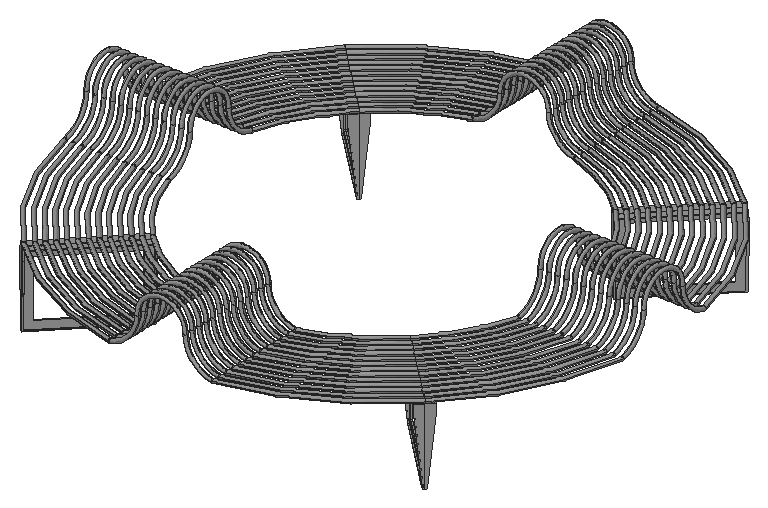
Revit family "Скамейка стальная вокруг дерева «Раструм Цикл» Арт 16759", category Антураж, Revit 2018 (continued)
Forms (mm)
  Sweep 162, solid, material "Сталь" <- "Цвет лавки"
    path origin (3310, 550, 0) x (-1, 0, 0) y (0, 0, 1)
      loop
        arc (1955, 460) -> (1847.333, 524.076) -> (1805, 642) r 185.413
        arc (1805, 642) -> (1655, 792) -> (1505, 642) r 150
        arc (1505, 642) -> (1462.667, 524.076) -> (1355, 460) r 185.413
    profile origin (1655, 550, 792) x (0, 0, -1) y (0, 1, 0)
      loop
        circle (10, 37.326) r 10
  Sweep 163, solid, material "Сталь"
    path origin (3310, 585, 0) x (0, 1, 0) y (-1, 0, 0)
      loop
        arc (316.54, 2408.46) -> (150.629, 2198.267) -> (42.984, 1953.073) r 1055
    profile origin (1111.733, 735.629, 0) x (0.514945, 0.857223, 0) y (0, 0, 1)
      loop
        circle (10, 450) r 10
  Sweep 164, solid, material "Сталь" <- "Цвет лавки"
    path origin (3310, 600, 0) x (-1, 0, 0) y (0, 0, 1)
      loop
        arc (1955, 460) -> (1847.333, 524.076) -> (1805, 642) r 185.413
        arc (1805, 642) -> (1655, 792) -> (1505, 642) r 150
        arc (1505, 642) -> (1462.667, 524.076) -> (1355, 460) r 185.413
    profile origin (1655, 600, 792) x (0, 0, -1) y (0, 1, 0)
      loop
        circle (10, 37.326) r 10
  Extrusion 165, solid, material "Сталь" <- "Цвет лавки"
    sketch origin (1655, -685.523, 0) x (-0.707107, 0.707107, 0) y (0, 0, 1)
      loop
        line (1655, 440) -> (1605, 440) -> (1605, 390) -> (1645, 0) -> (1655, 0) -> (1655, 440)
    from 0 to 610
  Extrusion 166, void
    sketch origin (1655, -685.523, 0) x (-0.707107, 0.707107, 0) y (0, 0, 1)
      loop
        line (1650, 435) -> (1605, 435) -> (1605, 390) -> (1644.487, 5) -> (1650, 5) -> (1650, 435)
    from 5 to 605
  Extrusion 167, void
    sketch origin (1655, -685.523, 0) x (-0.707107, 0.707107, 0) y (0, 0, 1)
      loop
        line (1655, 390) -> (1650, 390) -> (1650, 50) -> (1655, 50) -> (1655, 390)
    from 50 to 560
  Sweep 168, solid, material "Сталь"
    path origin (0, 0, 0) x (0, 1, 0) y (-1, 0, 0)
      loop
        arc (484.738, -2825.262) -> (189.512, -2424.005) -> (27.064, -1953.073) r 1655
    profile origin (2424.005, 189.512, 0) x (0.464656, -0.885492, 0) y (0, 0, 1)
      loop
        circle (-10, 450) r 10
  Sweep 169, solid, material "Сталь"
    path origin (0, 49.375, 0) x (0, 1, 0) y (-1, 0, 0)
      loop
        arc (470.406, -2790.219) -> (186.023, -2405.02) -> (27.921, -1953.073) r 1605
    profile origin (2405.02, 235.398, 0) x (0.467302, -0.884098, 0) y (0, 0, 1)
      loop
        circle (-10, 450) r 10
  Sweep 170, solid, material "Сталь"
    path origin (0, 98.438, 0) x (0, 1, 0) y (-1, 0, 0)
      loop
        arc (456.23, -2755.332) -> (182.603, -2386.13) -> (28.836, -1953.073) r 1555
    profile origin (2386.13, 281.04, 0) x (0.47018, -0.882571, 0) y (0, 0, 1)
      loop
        circle (-10, 450) r 10
  Sweep 171, solid, material "Сталь"
    path origin (0, 147.5, 0) x (0, 1, 0) y (-1, 0, 0)
      loop
        arc (442.055, -2720.445) -> (179.201, -2367.237) -> (29.813, -1953.073) r 1505
    profile origin (2367.237, 326.701, 0) x (0.473247, -0.88093, 0) y (0, 0, 1)
      loop
        circle (-10, 450) r 10
  Sweep 172, solid, material "Сталь"
    path origin (0, 196.484, 0) x (0, 1, 0) y (-1, 0, 0)
      loop
        arc (427.919, -2685.597) -> (175.832, -2348.365) -> (30.859, -1953.073) r 1455
    profile origin (2348.365, 372.317, 0) x (0.47654, -0.879153, 0) y (0, 0, 1)
      loop
        circle (-10, 450) r 10
  Sweep 173, solid, material "Сталь"
    path origin (0, 245.313, 0) x (0, 1, 0) y (-1, 0, 0)
      loop
        arc (413.861, -2650.826) -> (172.513, -2329.538) -> (31.982, -1953.073) r 1405
    profile origin (2329.538, 417.826, 0) x (0.480098, -0.877215, 0) y (0, 0, 1)
      loop
        circle (-10, 450) r 10
  Sweep 174, solid, material "Сталь"
    path origin (0, 294.063, 0) x (0, 1, 0) y (-1, 0, 0)
      loop
        arc (399.844, -2616.094) -> (169.234, -2310.732) -> (33.192, -1953.073) r 1355
    profile origin (2310.732, 463.297, 0) x (0.483935, -0.875104, 0) y (0, 0, 1)
      loop
        circle (-10, 450) r 10
  Sweep 175, solid, material "Сталь"
    path origin (0, 342.813, 0) x (0, 1, 0) y (-1, 0, 0)
      loop
        arc (385.826, -2581.361) -> (165.984, -2291.921) -> (34.497, -1953.073) r 1305
    profile origin (2291.921, 508.797, 0) x (0.488062, -0.872809, 0) y (0, 0, 1)
      loop
        circle (-10, 450) r 10
  Sweep 176, solid, material "Сталь"
    path origin (0, 391.25, 0) x (0, 1, 0) y (-1, 0, 0)
      loop
        arc (371.967, -2546.783) -> (162.822, -2273.201) -> (35.911, -1953.073) r 1255
    profile origin (2273.201, 554.072, 0) x (0.492591, -0.870261, 0) y (0, 0, 1)
      loop
        circle (-10, 450) r 10
  Sweep 177, solid, material "Сталь"
    path origin (0, 440, 0) x (0, 1, 0) y (-1, 0, 0)
      loop
        arc (357.951, -2512.049) -> (159.645, -2254.381) -> (37.448, -1953.073) r 1205
    profile origin (2254.381, 599.645, 0) x (0.497412, -0.867515, 0) y (0, 0, 1)
      loop
        circle (-10, 450) r 10
  Sweep 178, solid, material "Сталь"
    path origin (0, 488.088, 0) x (0, 1, 0) y (-1, 0, 0)
      loop
        arc (344.269, -2477.642) -> (156.628, -2235.758) -> (39.125, -1953.073) r 1155
    profile origin (2235.758, 644.717, 0) x (0.50282, -0.864391, 0) y (0, 0, 1)
      loop
        circle (-10, 450) r 10
  Sweep 179, solid, material "Сталь"
    path origin (0, 536.25, 0) x (0, 1, 0) y (-1, 0, 0)
      loop
        arc (330.552, -2443.198) -> (153.652, -2217.105) -> (40.962, -1953.073) r 1105
    profile origin (2217.105, 689.902, 0) x (0.508692, -0.860948, 0) y (0, 0, 1)
      loop
        circle (-10, 450) r 10
  Sweep 180, solid, material "Сталь"
    path origin (0, 585, 0) x (0, 1, 0) y (-1, 0, 0)
      loop
        arc (316.54, -2408.46) -> (150.629, -2198.267) -> (42.984, -1953.073) r 1055
    profile origin (2198.267, 735.629, 0) x (0.514945, -0.857223, 0) y (0, 0, 1)
      loop
        circle (-10, 450) r 10
  Extrusion 181, solid, material "Сталь" <- "Цвет лавки"
    sketch origin (1655, -685.523, 0) x (0.707107, 0.707107, 0) y (0, 0, -1)
      loop
        line (1655, -440) -> (1655, 0) -> (1645, 0) -> (1605, -390) -> (1605, -440) -> (1655, -440)
    from 0 to 610
  Extrusion 182, void
    sketch origin (1655, -685.523, 0) x (0.707107, 0.707107, 0) y (0, 0, -1)
      loop
        line (1650, -435) -> (1650, -5) -> (1644.487, -5) -> (1605, -390) -> (1605, -435) -> (1650, -435)
    from 5 to 605
  Extrusion 183, void
    sketch origin (1655, -685.523, 0) x (0.707107, 0.707107, 0) y (0, 0, -1)
      loop
        line (1655, -390) -> (1655, -50) -> (1650, -50) -> (1650, -390) -> (1655, -390)
    from 50 to 560
Cuts and joins
  Extrusion 28, Extrusion 29, Extrusion 47, Extrusion 48, Extrusion 76, Extrusion 77 cuts Extrusion 27
  Extrusion 47, Extrusion 48, Extrusion 92, Extrusion 93 cuts Extrusion 46
  Extrusion 76, Extrusion 77, Extrusion 121, Extrusion 122, Extrusion 183 cuts Extrusion 75
  Extrusion 92, Extrusion 93, Extrusion 137, Extrusion 138 cuts Extrusion 91
  Extrusion 121, Extrusion 122, Extrusion 166, Extrusion 167 cuts Extrusion 120
  Extrusion 137, Extrusion 138, Extrusion 182, Extrusion 183 cuts Extrusion 136
  Extrusion 166, Extrusion 167 cuts Extrusion 165
  Extrusion 182, Extrusion 183 cuts Extrusion 181
Lines and regions (mm)
  reference lines
    curve 1: circle (1655, 1655, 0) r 1655 normal (0, 0, 1)
  symbolic lines
    curve 2: line (-230, 3310, 0) -> (-230, 0, 0)
    curve 3: line (-230, 1655, 0) -> (4770, 1655, 0)
    curve 4: line (0, 3625.918, 0) -> (3310, 3625.918, 0)
    curve 5: line (1655, 3625.918, 0) -> (1655, 4325.918, 0)
Dimensions and locks
  "Длина": plane 3 "По центру (Влево/Вправо)" to plane 5
  "Ширина": plane 4 to plane 1 "По центру (Вперед/Назад)"
  "Высота": plane 6 to plane 2
  "Диаметр": diameter of curve 1
  aligned and locked: level to plane 2
Automatic sketch dimensions
  Extrusion 27 sketch curve to Extrusion 27 sketch curve = 50 mm  (x2)
  Extrusion 27 sketch curve to Extrusion 27 sketch curve = 10 mm
  Extrusion 28 sketch curve to Extrusion 28 sketch curve = 39.487 mm
  Extrusion 28 sketch curve to Extrusion 28 sketch curve = 45 mm
  Extrusion 28 sketch curve to Extrusion 28 sketch curve = 5.513 mm
  Extrusion 29 sketch curve to Extrusion 29 sketch curve = 5 mm
  Extrusion 29 sketch curve to Extrusion 29 sketch curve = 340 mm
  Extrusion 27 sketch curve to Extrusion 27 sketch curve = 390 mm
  Extrusion 28 sketch curve to Extrusion 28 sketch curve = 385 mm
  Extrusion 30 sketch curve to Extrusion 30 sketch curve = 50 mm  (x2)
  Extrusion 30 sketch curve to Extrusion 30 sketch curve = 10 mm
  Extrusion 31 sketch curve to Extrusion 31 sketch curve = 39.487 mm
  Extrusion 31 sketch curve to Extrusion 31 sketch curve = 45 mm
  Extrusion 31 sketch curve to Extrusion 31 sketch curve = 5.513 mm
  Extrusion 32 sketch curve to Extrusion 32 sketch curve = 5 mm
  Extrusion 32 sketch curve to Extrusion 32 sketch curve = 340 mm
  Extrusion 30 sketch curve to Extrusion 30 sketch curve = 390 mm
  Extrusion 31 sketch curve to Extrusion 31 sketch curve = 385 mm
  plane 1 "По центру (Вперед/Назад)" to curve 2 = 0 mm
  curve 2 to plane 4 = 0 mm
  curve 4 to plane 3 "По центру (Влево/Вправо)" = 0 mm
  curve 4 to plane 5 = 0 mm
  curve 2 to plane 3 "По центру (Влево/Вправо)" = 230 mm
  plane 4 to curve 5 = 315.918 mm
  curve 5 to curve 4 = 1655 mm
  plane 5 to curve 3 = 1460 mm
  curve 3 to plane 1 "По центру (Вперед/Назад)" = 1655 mm
  curve 5 to curve 5 = 700 mm
  plane 3 "По центру (Влево/Вправо)" to Sweep 1 sketch curve = 1655 mm
  Sweep 1 sketch curve to plane 1 "По центру (Вперед/Назад)" = 1655 mm
  plane 3 "По центру (Влево/Вправо)" to Sweep 1 sketch curve = 484.738 mm
  plane 3 "По центру (Влево/Вправо)" to Sweep 1 sketch curve = 27.064 mm
  Sweep 1 sketch curve to plane 4 = 1356.927 mm
  Sweep 1 sketch curve to profile plane = 10 mm
  level to Sweep 1 sketch curve = 450 mm
  Sweep 2 sketch curve to plane 6 = 150 mm
  Sweep 2 sketch curve to plane 1 "По центру (Вперед/Назад)" = 1319.587 mm
  Sweep 2 sketch curve to Sweep 2 sketch curve = 335.413 mm  (x2)
  Sweep 2 sketch curve to Sweep 2 sketch curve = 35.413 mm  (x2)
  Sweep 2 sketch curve to Sweep 2 sketch curve = 150 mm
  Sweep 2 sketch curve to Sweep 2 sketch curve = 0 mm  (x2)
  Sweep 2 sketch curve to profile plane = 10 mm
  plane 3 "По центру (Влево/Вправо)" to Sweep 2 sketch curve = 37.092 mm
  plane 3 "По центру (Влево/Вправо)" to Sweep 3 sketch curve = 1654.375 mm
  Sweep 3 sketch curve to plane 1 "По центру (Вперед/Назад)" = 1655 mm
  plane 3 "По центру (Влево/Вправо)" to Sweep 3 sketch curve = 519.781 mm
  plane 3 "По центру (Влево/Вправо)" to Sweep 3 sketch curve = 77.296 mm
  Sweep 3 sketch curve to plane 4 = 1356.927 mm
  Sweep 3 sketch curve to profile plane = 10 mm
  level to Sweep 3 sketch curve = 450 mm
  Sweep 4 sketch curve to plane 6 = 150 mm
  Sweep 4 sketch curve to plane 1 "По центру (Вперед/Назад)" = 1319.587 mm
  Sweep 4 sketch curve to Sweep 4 sketch curve = 335.413 mm  (x2)
  Sweep 4 sketch curve to Sweep 4 sketch curve = 35.413 mm  (x2)
  Sweep 4 sketch curve to Sweep 4 sketch curve = 150 mm
  Sweep 4 sketch curve to Sweep 4 sketch curve = 0 mm  (x2)
  Sweep 4 sketch curve to profile plane = 10 mm
  profile plane to Sweep 4 sketch curve = 37.326 mm
  plane 3 "По центру (Влево/Вправо)" to Sweep 5 sketch curve = 1653.437 mm
  Sweep 5 sketch curve to plane 1 "По центру (Вперед/Назад)" = 1655 mm
  plane 3 "По центру (Влево/Вправо)" to Sweep 5 sketch curve = 554.668 mm
  plane 3 "По центру (Влево/Вправо)" to Sweep 5 sketch curve = 127.273 mm
  Sweep 5 sketch curve to plane 4 = 1356.927 mm
  Sweep 5 sketch curve to profile plane = 10 mm
  level to Sweep 5 sketch curve = 450 mm
  Sweep 6 sketch curve to plane 6 = 150 mm
  Sweep 6 sketch curve to plane 1 "По центру (Вперед/Назад)" = 1319.587 mm
  Sweep 6 sketch curve to Sweep 6 sketch curve = 335.413 mm  (x2)
  Sweep 6 sketch curve to Sweep 6 sketch curve = 35.413 mm  (x2)
  Sweep 6 sketch curve to Sweep 6 sketch curve = 150 mm
  Sweep 6 sketch curve to Sweep 6 sketch curve = 0 mm  (x2)
  Sweep 6 sketch curve to profile plane = 10 mm
  profile plane to Sweep 6 sketch curve = 37.326 mm
  plane 3 "По центру (Влево/Вправо)" to Sweep 7 sketch curve = 1652.5 mm
  Sweep 7 sketch curve to plane 1 "По центру (Вперед/Назад)" = 1655 mm
  plane 3 "По центру (Влево/Вправо)" to Sweep 7 sketch curve = 589.555 mm
  plane 3 "По центру (Влево/Вправо)" to Sweep 7 sketch curve = 177.313 mm
  Sweep 7 sketch curve to plane 4 = 1356.927 mm
  Sweep 7 sketch curve to profile plane = 10 mm
  level to Sweep 7 sketch curve = 450 mm
  Sweep 8 sketch curve to plane 6 = 150 mm
  Sweep 8 sketch curve to plane 1 "По центру (Вперед/Назад)" = 1319.587 mm
  Sweep 8 sketch curve to Sweep 8 sketch curve = 335.413 mm  (x2)
  Sweep 8 sketch curve to Sweep 8 sketch curve = 35.413 mm  (x2)
  Sweep 8 sketch curve to Sweep 8 sketch curve = 150 mm
  Sweep 8 sketch curve to Sweep 8 sketch curve = 0 mm  (x2)
  Sweep 8 sketch curve to profile plane = 10 mm
  profile plane to Sweep 8 sketch curve = 37.326 mm
  plane 3 "По центру (Влево/Вправо)" to Sweep 9 sketch curve = 1651.484 mm
  Sweep 9 sketch curve to plane 1 "По центру (Вперед/Назад)" = 1655 mm
  plane 3 "По центру (Влево/Вправо)" to Sweep 9 sketch curve = 624.403 mm
  plane 3 "По центру (Влево/Вправо)" to Sweep 9 sketch curve = 227.344 mm
  Sweep 9 sketch curve to plane 4 = 1356.927 mm
  Sweep 9 sketch curve to profile plane = 10 mm
  level to Sweep 9 sketch curve = 450 mm
  Sweep 10 sketch curve to plane 6 = 150 mm
  Sweep 10 sketch curve to plane 1 "По центру (Вперед/Назад)" = 1319.587 mm
  Sweep 10 sketch curve to Sweep 10 sketch curve = 335.413 mm  (x2)
  Sweep 10 sketch curve to Sweep 10 sketch curve = 35.413 mm  (x2)
  Sweep 10 sketch curve to Sweep 10 sketch curve = 150 mm
  Sweep 10 sketch curve to Sweep 10 sketch curve = 0 mm  (x2)
  Sweep 10 sketch curve to profile plane = 10 mm
  profile plane to Sweep 10 sketch curve = 37.326 mm
  plane 3 "По центру (Влево/Вправо)" to Sweep 11 sketch curve = 1650.312 mm
  Sweep 11 sketch curve to plane 1 "По центру (Вперед/Назад)" = 1655 mm
  plane 3 "По центру (Влево/Вправо)" to Sweep 11 sketch curve = 659.174 mm
  plane 3 "По центру (Влево/Вправо)" to Sweep 11 sketch curve = 277.295 mm
  Sweep 11 sketch curve to plane 4 = 1356.927 mm
  Sweep 11 sketch curve to profile plane = 10 mm
  level to Sweep 11 sketch curve = 450 mm
  Sweep 12 sketch curve to plane 6 = 150 mm
  Sweep 12 sketch curve to plane 1 "По центру (Вперед/Назад)" = 1319.587 mm
  Sweep 12 sketch curve to Sweep 12 sketch curve = 335.413 mm  (x2)
  Sweep 12 sketch curve to Sweep 12 sketch curve = 35.413 mm  (x2)
  Sweep 12 sketch curve to Sweep 12 sketch curve = 150 mm
  Sweep 12 sketch curve to Sweep 12 sketch curve = 0 mm  (x2)
  Sweep 12 sketch curve to profile plane = 10 mm
  profile plane to Sweep 12 sketch curve = 37.326 mm
  plane 3 "По центру (Влево/Вправо)" to Sweep 13 sketch curve = 1649.062 mm
  Sweep 13 sketch curve to plane 1 "По центру (Вперед/Назад)" = 1655 mm
  plane 3 "По центру (Влево/Вправо)" to Sweep 13 sketch curve = 693.906 mm
  plane 3 "По центру (Влево/Вправо)" to Sweep 13 sketch curve = 327.254 mm
  Sweep 13 sketch curve to Sweep 13 sketch curve = 298.073 mm
  Sweep 13 sketch curve to profile plane = 10 mm
  level to Sweep 13 sketch curve = 450 mm
  Sweep 14 sketch curve to plane 6 = 150 mm
  Sweep 14 sketch curve to plane 1 "По центру (Вперед/Назад)" = 1319.587 mm
  Sweep 14 sketch curve to Sweep 14 sketch curve = 335.413 mm  (x2)
  Sweep 14 sketch curve to Sweep 14 sketch curve = 35.413 mm  (x2)
  Sweep 14 sketch curve to Sweep 14 sketch curve = 150 mm
  Sweep 14 sketch curve to Sweep 14 sketch curve = 0 mm  (x2)
  Sweep 14 sketch curve to profile plane = 10 mm
  profile plane to Sweep 14 sketch curve = 37.326 mm
  plane 3 "По центру (Влево/Вправо)" to Sweep 15 sketch curve = 1647.812 mm
  Sweep 15 sketch curve to plane 1 "По центру (Вперед/Назад)" = 1655 mm
  plane 3 "По центру (Влево/Вправо)" to Sweep 15 sketch curve = 728.639 mm
  plane 3 "По центру (Влево/Вправо)" to Sweep 15 sketch curve = 377.31 mm
  Sweep 15 sketch curve to Sweep 15 sketch curve = 298.073 mm
  Sweep 15 sketch curve to profile plane = 10 mm
  level to Sweep 15 sketch curve = 450 mm
  Sweep 16 sketch curve to plane 6 = 150 mm
  Sweep 16 sketch curve to plane 1 "По центру (Вперед/Назад)" = 1319.587 mm
  Sweep 16 sketch curve to Sweep 16 sketch curve = 335.413 mm  (x2)
  Sweep 16 sketch curve to Sweep 16 sketch curve = 35.413 mm  (x2)
  Sweep 16 sketch curve to Sweep 16 sketch curve = 150 mm
  Sweep 16 sketch curve to Sweep 16 sketch curve = 0 mm  (x2)
  Sweep 16 sketch curve to profile plane = 10 mm
  profile plane to Sweep 16 sketch curve = 37.326 mm
  plane 3 "По центру (Влево/Вправо)" to Sweep 17 sketch curve = 1646.25 mm
  Sweep 17 sketch curve to plane 1 "По центру (Вперед/Назад)" = 1655 mm
  plane 3 "По центру (Влево/Вправо)" to Sweep 17 sketch curve = 763.217 mm
  plane 3 "По центру (Влево/Вправо)" to Sweep 17 sketch curve = 427.161 mm
  Sweep 17 sketch curve to Sweep 17 sketch curve = 298.073 mm
  Sweep 17 sketch curve to profile plane = 10 mm
  level to Sweep 17 sketch curve = 450 mm
  Sweep 18 sketch curve to plane 6 = 150 mm
  Sweep 18 sketch curve to plane 1 "По центру (Вперед/Назад)" = 1319.587 mm
  Sweep 18 sketch curve to Sweep 18 sketch curve = 335.413 mm  (x2)
  Sweep 18 sketch curve to Sweep 18 sketch curve = 35.413 mm  (x2)
  Sweep 18 sketch curve to Sweep 18 sketch curve = 150 mm
  Sweep 18 sketch curve to Sweep 18 sketch curve = 0 mm  (x2)
  Sweep 18 sketch curve to profile plane = 10 mm
  profile plane to Sweep 18 sketch curve = 37.326 mm
  plane 3 "По центру (Влево/Вправо)" to Sweep 19 sketch curve = 1645 mm
  Sweep 19 sketch curve to plane 1 "По центру (Вперед/Назад)" = 1655 mm
  plane 3 "По центру (Влево/Вправо)" to Sweep 19 sketch curve = 797.951 mm
  plane 3 "По центру (Влево/Вправо)" to Sweep 19 sketch curve = 477.448 mm
  Sweep 19 sketch curve to Sweep 19 sketch curve = 298.073 mm
  Sweep 19 sketch curve to profile plane = 10 mm
  level to Sweep 19 sketch curve = 450 mm
  Sweep 20 sketch curve to plane 6 = 150 mm
  Sweep 20 sketch curve to plane 1 "По центру (Вперед/Назад)" = 1319.587 mm
  Sweep 20 sketch curve to Sweep 20 sketch curve = 335.413 mm  (x2)
  Sweep 20 sketch curve to Sweep 20 sketch curve = 35.413 mm  (x2)
  Sweep 20 sketch curve to Sweep 20 sketch curve = 150 mm
  Sweep 20 sketch curve to Sweep 20 sketch curve = 0 mm  (x2)
  Sweep 20 sketch curve to profile plane = 10 mm
  profile plane to Sweep 20 sketch curve = 37.326 mm
  plane 3 "По центру (Влево/Вправо)" to Sweep 21 sketch curve = 1643.088 mm
  Sweep 21 sketch curve to plane 1 "По центру (Вперед/Назад)" = 1655 mm
  plane 3 "По центру (Влево/Вправо)" to Sweep 21 sketch curve = 832.358 mm
  plane 3 "По центру (Влево/Вправо)" to Sweep 21 sketch curve = 527.213 mm
  Sweep 21 sketch curve to Sweep 21 sketch curve = 298.073 mm
  Sweep 21 sketch curve to profile plane = 10 mm
  level to Sweep 21 sketch curve = 450 mm
  Sweep 22 sketch curve to plane 6 = 150 mm
  Sweep 22 sketch curve to plane 1 "По центру (Вперед/Назад)" = 1319.587 mm
  Sweep 22 sketch curve to Sweep 22 sketch curve = 335.413 mm  (x2)
  Sweep 22 sketch curve to Sweep 22 sketch curve = 35.413 mm  (x2)
  Sweep 22 sketch curve to Sweep 22 sketch curve = 150 mm
  Sweep 22 sketch curve to Sweep 22 sketch curve = 0 mm  (x2)
  Sweep 22 sketch curve to profile plane = 10 mm
  profile plane to Sweep 22 sketch curve = 37.326 mm
  plane 3 "По центру (Влево/Вправо)" to Sweep 23 sketch curve = 1641.25 mm
  Sweep 23 sketch curve to plane 1 "По центру (Вперед/Назад)" = 1655 mm
  plane 3 "По центру (Влево/Вправо)" to Sweep 23 sketch curve = 866.802 mm
  Sweep 23 sketch curve to Sweep 23 sketch curve = 289.59 mm
  Sweep 23 sketch curve to Sweep 23 sketch curve = 298.073 mm
  Sweep 23 sketch curve to profile plane = 10 mm
  level to Sweep 23 sketch curve = 450 mm
  Sweep 24 sketch curve to plane 6 = 150 mm
  Sweep 24 sketch curve to plane 1 "По центру (Вперед/Назад)" = 1319.587 mm
  Sweep 24 sketch curve to Sweep 24 sketch curve = 335.413 mm  (x2)
  Sweep 24 sketch curve to Sweep 24 sketch curve = 35.413 mm  (x2)
  Sweep 24 sketch curve to Sweep 24 sketch curve = 150 mm
  Sweep 24 sketch curve to Sweep 24 sketch curve = 0 mm  (x2)
  Sweep 24 sketch curve to profile plane = 10 mm
  profile plane to Sweep 24 sketch curve = 37.326 mm
  plane 3 "По центру (Влево/Вправо)" to Sweep 25 sketch curve = 1640 mm
  Sweep 25 sketch curve to plane 1 "По центру (Вперед/Назад)" = 1655 mm
  plane 3 "По центру (Влево/Вправо)" to Sweep 25 sketch curve = 901.54 mm
  Sweep 25 sketch curve to Sweep 25 sketch curve = 273.556 mm
  Sweep 25 sketch curve to Sweep 25 sketch curve = 298.073 mm
  Sweep 25 sketch curve to profile plane = 10 mm
  level to Sweep 25 sketch curve = 450 mm
  Sweep 26 sketch curve to plane 6 = 150 mm
  Sweep 26 sketch curve to plane 1 "По центру (Вперед/Назад)" = 1319.587 mm
  Sweep 26 sketch curve to Sweep 26 sketch curve = 335.413 mm  (x2)
  Sweep 26 sketch curve to Sweep 26 sketch curve = 35.413 mm  (x2)
  Sweep 26 sketch curve to Sweep 26 sketch curve = 150 mm
  Sweep 26 sketch curve to Sweep 26 sketch curve = 0 mm  (x2)
  Sweep 26 sketch curve to profile plane = 10 mm
  profile plane to Sweep 26 sketch curve = 37.326 mm
  Sweep 33 sketch curve to plane 3 "По центру (Влево/Вправо)" = 1655 mm
  plane 1 "По центру (Вперед/Назад)" to Sweep 33 sketch curve = 1655 mm
  Sweep 33 sketch curve to plane 3 "По центру (Влево/Вправо)" = 484.738 mm
  Sweep 33 sketch curve to plane 3 "По центру (Влево/Вправо)" = 27.064 mm
  plane 1 "По центру (Вперед/Назад)" to Sweep 33 sketch curve = 1356.927 mm
  profile plane to Sweep 33 sketch curve = 10 mm
  level to Sweep 33 sketch curve = 450 mm
  Sweep 34 sketch curve to plane 3 "По центру (Влево/Вправо)" = 1654.375 mm
  plane 1 "По центру (Вперед/Назад)" to Sweep 34 sketch curve = 1655 mm
  Sweep 34 sketch curve to plane 3 "По центру (Влево/Вправо)" = 519.781 mm
  Sweep 34 sketch curve to plane 3 "По центру (Влево/Вправо)" = 77.296 mm
  plane 1 "По центру (Вперед/Назад)" to Sweep 34 sketch curve = 1356.927 mm
  profile plane to Sweep 34 sketch curve = 10 mm
  level to Sweep 34 sketch curve = 450 mm
  Sweep 35 sketch curve to plane 3 "По центру (Влево/Вправо)" = 1653.437 mm
  plane 1 "По центру (Вперед/Назад)" to Sweep 35 sketch curve = 1655 mm
  Sweep 35 sketch curve to plane 3 "По центру (Влево/Вправо)" = 554.668 mm
  Sweep 35 sketch curve to plane 3 "По центру (Влево/Вправо)" = 127.273 mm
  plane 1 "По центру (Вперед/Назад)" to Sweep 35 sketch curve = 1356.927 mm
  profile plane to Sweep 35 sketch curve = 10 mm
  level to Sweep 35 sketch curve = 450 mm
  Sweep 36 sketch curve to plane 3 "По центру (Влево/Вправо)" = 1652.5 mm
  plane 1 "По центру (Вперед/Назад)" to Sweep 36 sketch curve = 1655 mm
  Sweep 36 sketch curve to plane 3 "По центру (Влево/Вправо)" = 589.555 mm
  Sweep 36 sketch curve to plane 3 "По центру (Влево/Вправо)" = 177.313 mm
  plane 1 "По центру (Вперед/Назад)" to Sweep 36 sketch curve = 1356.927 mm
  profile plane to Sweep 36 sketch curve = 10 mm
  level to Sweep 36 sketch curve = 450 mm
  Sweep 37 sketch curve to plane 3 "По центру (Влево/Вправо)" = 1651.484 mm
  plane 1 "По центру (Вперед/Назад)" to Sweep 37 sketch curve = 1655 mm
  Sweep 37 sketch curve to plane 3 "По центру (Влево/Вправо)" = 624.403 mm
  Sweep 37 sketch curve to plane 3 "По центру (Влево/Вправо)" = 227.344 mm
  plane 1 "По центру (Вперед/Назад)" to Sweep 37 sketch curve = 1356.927 mm
  profile plane to Sweep 37 sketch curve = 10 mm
  level to Sweep 37 sketch curve = 450 mm
  Sweep 38 sketch curve to plane 3 "По центру (Влево/Вправо)" = 1650.312 mm
  plane 1 "По центру (Вперед/Назад)" to Sweep 38 sketch curve = 1655 mm
  Sweep 38 sketch curve to plane 3 "По центру (Влево/Вправо)" = 659.174 mm
  Sweep 38 sketch curve to plane 3 "По центру (Влево/Вправо)" = 277.295 mm
  plane 1 "По центру (Вперед/Назад)" to Sweep 38 sketch curve = 1356.927 mm
  profile plane to Sweep 38 sketch curve = 10 mm
  level to Sweep 38 sketch curve = 450 mm
  Sweep 39 sketch curve to plane 3 "По центру (Влево/Вправо)" = 1649.062 mm
  plane 1 "По центру (Вперед/Назад)" to Sweep 39 sketch curve = 1655 mm
  Sweep 39 sketch curve to plane 3 "По центру (Влево/Вправо)" = 693.906 mm
  Sweep 39 sketch curve to plane 3 "По центру (Влево/Вправо)" = 327.254 mm
  Sweep 39 sketch curve to Sweep 39 sketch curve = 298.073 mm
  profile plane to Sweep 39 sketch curve = 10 mm
  level to Sweep 39 sketch curve = 450 mm
  Sweep 40 sketch curve to plane 3 "По центру (Влево/Вправо)" = 1647.812 mm
  plane 1 "По центру (Вперед/Назад)" to Sweep 40 sketch curve = 1655 mm
  Sweep 40 sketch curve to plane 3 "По центру (Влево/Вправо)" = 728.639 mm
  Sweep 40 sketch curve to plane 3 "По центру (Влево/Вправо)" = 377.31 mm
  Sweep 40 sketch curve to Sweep 40 sketch curve = 298.073 mm
  profile plane to Sweep 40 sketch curve = 10 mm
  level to Sweep 40 sketch curve = 450 mm
  Sweep 41 sketch curve to plane 3 "По центру (Влево/Вправо)" = 1646.25 mm
  plane 1 "По центру (Вперед/Назад)" to Sweep 41 sketch curve = 1655 mm
  Sweep 41 sketch curve to plane 3 "По центру (Влево/Вправо)" = 763.217 mm
  Sweep 41 sketch curve to plane 3 "По центру (Влево/Вправо)" = 427.161 mm
  Sweep 41 sketch curve to Sweep 41 sketch curve = 298.073 mm
  profile plane to Sweep 41 sketch curve = 10 mm
  level to Sweep 41 sketch curve = 450 mm
  Sweep 42 sketch curve to plane 3 "По центру (Влево/Вправо)" = 1645 mm
  plane 1 "По центру (Вперед/Назад)" to Sweep 42 sketch curve = 1655 mm
  Sweep 42 sketch curve to plane 3 "По центру (Влево/Вправо)" = 797.951 mm
  Sweep 42 sketch curve to plane 3 "По центру (Влево/Вправо)" = 477.448 mm
  Sweep 42 sketch curve to Sweep 42 sketch curve = 298.073 mm
  profile plane to Sweep 42 sketch curve = 10 mm
  level to Sweep 42 sketch curve = 450 mm
  Sweep 43 sketch curve to plane 3 "По центру (Влево/Вправо)" = 1643.088 mm
  plane 1 "По центру (Вперед/Назад)" to Sweep 43 sketch curve = 1655 mm
  Sweep 43 sketch curve to plane 3 "По центру (Влево/Вправо)" = 832.358 mm
  Sweep 43 sketch curve to plane 3 "По центру (Влево/Вправо)" = 527.213 mm
  Sweep 43 sketch curve to Sweep 43 sketch curve = 298.073 mm
  profile plane to Sweep 43 sketch curve = 10 mm
  level to Sweep 43 sketch curve = 450 mm
  Sweep 44 sketch curve to plane 3 "По центру (Влево/Вправо)" = 1641.25 mm
  plane 1 "По центру (Вперед/Назад)" to Sweep 44 sketch curve = 1655 mm
  Sweep 44 sketch curve to plane 3 "По центру (Влево/Вправо)" = 866.802 mm
  Sweep 44 sketch curve to Sweep 44 sketch curve = 289.59 mm
  Sweep 44 sketch curve to Sweep 44 sketch curve = 298.073 mm
  profile plane to Sweep 44 sketch curve = 10 mm
  level to Sweep 44 sketch curve = 450 mm
  Sweep 45 sketch curve to plane 3 "По центру (Влево/Вправо)" = 1640 mm
  plane 1 "По центру (Вперед/Назад)" to Sweep 45 sketch curve = 1655 mm
  Sweep 45 sketch curve to plane 3 "По центру (Влево/Вправо)" = 901.54 mm
  Sweep 45 sketch curve to Sweep 45 sketch curve = 273.556 mm
  Sweep 45 sketch curve to Sweep 45 sketch curve = 298.073 mm
  profile plane to Sweep 45 sketch curve = 10 mm
  level to Sweep 45 sketch curve = 450 mm
  level to Extrusion 46 sketch curve = 0 mm
  level to Extrusion 46 sketch curve = 390 mm
  Extrusion 46 sketch curve to Extrusion 46 sketch curve = 40 mm
  Extrusion 46 sketch curve to Extrusion 46 sketch curve = 50 mm  (x2)
  Extrusion 47 sketch curve to plane 6 = 357 mm
  level to Extrusion 47 sketch curve = 5 mm
  Extrusion 47 sketch curve to Extrusion 47 sketch curve = 39.487 mm
  Extrusion 47 sketch curve to Extrusion 47 sketch curve = 45 mm  (x2)
  level to Extrusion 48 sketch curve = 390 mm
  Extrusion 48 sketch curve to Extrusion 48 sketch curve = 5 mm
  level to Extrusion 48 sketch curve = 50 mm
  Sweep 49 sketch curve to plane 1 "По центру (Вперед/Назад)" = 1655 mm
  plane 3 "По центру (Влево/Вправо)" to Sweep 49 sketch curve = 1655 mm
  Sweep 49 sketch curve to plane 4 = 484.738 mm
  Sweep 49 sketch curve to plane 4 = 27.064 mm
  Sweep 49 sketch curve to plane 5 = 1356.927 mm
  Sweep 49 sketch curve to profile plane = 10 mm
  level to Sweep 49 sketch curve = 450 mm
  Sweep 50 sketch curve to plane 6 = 150 mm
  plane 3 "По центру (Влево/Вправо)" to Sweep 50 sketch curve = 1319.587 mm
  Sweep 50 sketch curve to Sweep 50 sketch curve = 335.413 mm  (x2)
  Sweep 50 sketch curve to Sweep 50 sketch curve = 35.413 mm  (x2)
  Sweep 50 sketch curve to Sweep 50 sketch curve = 150 mm
  Sweep 50 sketch curve to Sweep 50 sketch curve = 0 mm  (x2)
  Sweep 50 sketch curve to profile plane = 10 mm
  profile plane to Sweep 50 sketch curve = 37.092 mm
  Sweep 51 sketch curve to plane 4 = 1654.375 mm
  plane 3 "По центру (Влево/Вправо)" to Sweep 51 sketch curve = 1655 mm
  Sweep 51 sketch curve to plane 4 = 519.781 mm
  Sweep 51 sketch curve to plane 4 = 77.296 mm
  Sweep 51 sketch curve to plane 5 = 1356.927 mm
  Sweep 51 sketch curve to profile plane = 10 mm
  level to Sweep 51 sketch curve = 450 mm
  Sweep 52 sketch curve to plane 6 = 150 mm
  plane 3 "По центру (Влево/Вправо)" to Sweep 52 sketch curve = 1319.587 mm
  Sweep 52 sketch curve to Sweep 52 sketch curve = 335.413 mm  (x2)
  Sweep 52 sketch curve to Sweep 52 sketch curve = 35.413 mm  (x2)
  Sweep 52 sketch curve to Sweep 52 sketch curve = 150 mm
  Sweep 52 sketch curve to Sweep 52 sketch curve = 0 mm  (x2)
  Sweep 52 sketch curve to profile plane = 10 mm
  profile plane to Sweep 52 sketch curve = 37.326 mm
  Sweep 53 sketch curve to plane 4 = 1653.437 mm
  plane 3 "По центру (Влево/Вправо)" to Sweep 53 sketch curve = 1655 mm
  Sweep 53 sketch curve to plane 4 = 554.668 mm
  Sweep 53 sketch curve to plane 4 = 127.273 mm
  Sweep 53 sketch curve to plane 5 = 1356.927 mm
  Sweep 53 sketch curve to profile plane = 10 mm
  level to Sweep 53 sketch curve = 450 mm
  Sweep 54 sketch curve to plane 6 = 150 mm
  plane 3 "По центру (Влево/Вправо)" to Sweep 54 sketch curve = 1319.587 mm
  Sweep 54 sketch curve to Sweep 54 sketch curve = 335.413 mm  (x2)
  Sweep 54 sketch curve to Sweep 54 sketch curve = 35.413 mm  (x2)
  Sweep 54 sketch curve to Sweep 54 sketch curve = 150 mm
  Sweep 54 sketch curve to Sweep 54 sketch curve = 0 mm  (x2)
  Sweep 54 sketch curve to profile plane = 10 mm
  profile plane to Sweep 54 sketch curve = 37.326 mm
  Sweep 55 sketch curve to plane 4 = 1652.5 mm
  plane 3 "По центру (Влево/Вправо)" to Sweep 55 sketch curve = 1655 mm
  Sweep 55 sketch curve to plane 4 = 589.555 mm
  Sweep 55 sketch curve to plane 4 = 177.313 mm
  Sweep 55 sketch curve to plane 5 = 1356.927 mm
  Sweep 55 sketch curve to profile plane = 10 mm
  level to Sweep 55 sketch curve = 450 mm
  Sweep 56 sketch curve to plane 6 = 150 mm
  plane 3 "По центру (Влево/Вправо)" to Sweep 56 sketch curve = 1319.587 mm
  Sweep 56 sketch curve to Sweep 56 sketch curve = 335.413 mm  (x2)
  Sweep 56 sketch curve to Sweep 56 sketch curve = 35.413 mm  (x2)
  Sweep 56 sketch curve to Sweep 56 sketch curve = 150 mm
  Sweep 56 sketch curve to Sweep 56 sketch curve = 0 mm  (x2)
  Sweep 56 sketch curve to profile plane = 10 mm
  profile plane to Sweep 56 sketch curve = 37.326 mm
  Sweep 57 sketch curve to plane 4 = 1651.484 mm
  plane 3 "По центру (Влево/Вправо)" to Sweep 57 sketch curve = 1655 mm
  Sweep 57 sketch curve to plane 4 = 624.403 mm
  Sweep 57 sketch curve to plane 4 = 227.344 mm
  Sweep 57 sketch curve to plane 5 = 1356.927 mm
  Sweep 57 sketch curve to profile plane = 10 mm
  level to Sweep 57 sketch curve = 450 mm
  Sweep 58 sketch curve to plane 6 = 150 mm
  plane 3 "По центру (Влево/Вправо)" to Sweep 58 sketch curve = 1319.587 mm
  Sweep 58 sketch curve to Sweep 58 sketch curve = 335.413 mm  (x2)
  Sweep 58 sketch curve to Sweep 58 sketch curve = 35.413 mm  (x2)
  Sweep 58 sketch curve to Sweep 58 sketch curve = 150 mm
  Sweep 58 sketch curve to Sweep 58 sketch curve = 0 mm  (x2)
  Sweep 58 sketch curve to profile plane = 10 mm
  profile plane to Sweep 58 sketch curve = 37.326 mm
  Sweep 59 sketch curve to plane 4 = 1650.312 mm
  plane 3 "По центру (Влево/Вправо)" to Sweep 59 sketch curve = 1655 mm
  Sweep 59 sketch curve to plane 4 = 659.174 mm
  Sweep 59 sketch curve to plane 4 = 277.295 mm
  Sweep 59 sketch curve to plane 5 = 1356.927 mm
  Sweep 59 sketch curve to profile plane = 10 mm
  level to Sweep 59 sketch curve = 450 mm
  Sweep 60 sketch curve to plane 6 = 150 mm
  plane 3 "По центру (Влево/Вправо)" to Sweep 60 sketch curve = 1319.587 mm
  Sweep 60 sketch curve to Sweep 60 sketch curve = 335.413 mm  (x2)
  Sweep 60 sketch curve to Sweep 60 sketch curve = 35.413 mm  (x2)
  Sweep 60 sketch curve to Sweep 60 sketch curve = 150 mm
  Sweep 60 sketch curve to Sweep 60 sketch curve = 0 mm  (x2)
  Sweep 60 sketch curve to profile plane = 10 mm
  profile plane to Sweep 60 sketch curve = 37.326 mm
  Sweep 61 sketch curve to plane 4 = 1649.062 mm
  plane 3 "По центру (Влево/Вправо)" to Sweep 61 sketch curve = 1655 mm
  Sweep 61 sketch curve to plane 4 = 693.906 mm
  Sweep 61 sketch curve to plane 4 = 327.254 mm
  Sweep 61 sketch curve to Sweep 61 sketch curve = 298.073 mm
  Sweep 61 sketch curve to profile plane = 10 mm
  level to Sweep 61 sketch curve = 450 mm
  Sweep 62 sketch curve to plane 6 = 150 mm
  plane 3 "По центру (Влево/Вправо)" to Sweep 62 sketch curve = 1319.587 mm
  Sweep 62 sketch curve to Sweep 62 sketch curve = 335.413 mm  (x2)
  Sweep 62 sketch curve to Sweep 62 sketch curve = 35.413 mm  (x2)
  Sweep 62 sketch curve to Sweep 62 sketch curve = 150 mm
  Sweep 62 sketch curve to Sweep 62 sketch curve = 0 mm  (x2)
  Sweep 62 sketch curve to profile plane = 10 mm
  profile plane to Sweep 62 sketch curve = 37.326 mm
  Sweep 63 sketch curve to plane 4 = 1647.813 mm
  plane 3 "По центру (Влево/Вправо)" to Sweep 63 sketch curve = 1655 mm
  Sweep 63 sketch curve to plane 4 = 728.639 mm
  Sweep 63 sketch curve to plane 4 = 377.31 mm
  Sweep 63 sketch curve to Sweep 63 sketch curve = 298.073 mm
  Sweep 63 sketch curve to profile plane = 10 mm
  level to Sweep 63 sketch curve = 450 mm
  Sweep 64 sketch curve to plane 6 = 150 mm
  plane 3 "По центру (Влево/Вправо)" to Sweep 64 sketch curve = 1319.587 mm
  Sweep 64 sketch curve to Sweep 64 sketch curve = 335.413 mm  (x2)
  Sweep 64 sketch curve to Sweep 64 sketch curve = 35.413 mm  (x2)
  Sweep 64 sketch curve to Sweep 64 sketch curve = 150 mm
  Sweep 64 sketch curve to Sweep 64 sketch curve = 0 mm  (x2)
  Sweep 64 sketch curve to profile plane = 10 mm
  profile plane to Sweep 64 sketch curve = 37.326 mm
  Sweep 65 sketch curve to plane 4 = 1646.25 mm
  plane 3 "По центру (Влево/Вправо)" to Sweep 65 sketch curve = 1655 mm
  Sweep 65 sketch curve to plane 4 = 763.217 mm
  Sweep 65 sketch curve to plane 4 = 427.161 mm
  Sweep 65 sketch curve to Sweep 65 sketch curve = 298.073 mm
  Sweep 65 sketch curve to profile plane = 10 mm
  level to Sweep 65 sketch curve = 450 mm
  Sweep 66 sketch curve to plane 6 = 150 mm
  plane 3 "По центру (Влево/Вправо)" to Sweep 66 sketch curve = 1319.587 mm
  Sweep 66 sketch curve to Sweep 66 sketch curve = 335.413 mm  (x2)
  Sweep 66 sketch curve to Sweep 66 sketch curve = 35.413 mm  (x2)
  Sweep 66 sketch curve to Sweep 66 sketch curve = 150 mm
  Sweep 66 sketch curve to Sweep 66 sketch curve = 0 mm  (x2)
  Sweep 66 sketch curve to profile plane = 10 mm
  profile plane to Sweep 66 sketch curve = 37.326 mm
  Sweep 67 sketch curve to plane 4 = 1645 mm
  plane 3 "По центру (Влево/Вправо)" to Sweep 67 sketch curve = 1655 mm
  Sweep 67 sketch curve to plane 4 = 797.951 mm
  Sweep 67 sketch curve to plane 4 = 477.448 mm
  Sweep 67 sketch curve to Sweep 67 sketch curve = 298.073 mm
  Sweep 67 sketch curve to profile plane = 10 mm
  level to Sweep 67 sketch curve = 450 mm
  Sweep 68 sketch curve to plane 6 = 150 mm
  plane 3 "По центру (Влево/Вправо)" to Sweep 68 sketch curve = 1319.587 mm
  Sweep 68 sketch curve to Sweep 68 sketch curve = 335.413 mm  (x2)
  Sweep 68 sketch curve to Sweep 68 sketch curve = 35.413 mm  (x2)
  Sweep 68 sketch curve to Sweep 68 sketch curve = 150 mm
  Sweep 68 sketch curve to Sweep 68 sketch curve = 0 mm  (x2)
  Sweep 68 sketch curve to profile plane = 10 mm
  profile plane to Sweep 68 sketch curve = 37.326 mm
  Sweep 69 sketch curve to plane 4 = 1643.088 mm
  plane 3 "По центру (Влево/Вправо)" to Sweep 69 sketch curve = 1655 mm
  Sweep 69 sketch curve to plane 4 = 832.358 mm
  Sweep 69 sketch curve to plane 4 = 527.213 mm
  Sweep 69 sketch curve to Sweep 69 sketch curve = 298.073 mm
  Sweep 69 sketch curve to profile plane = 10 mm
  level to Sweep 69 sketch curve = 450 mm
  Sweep 70 sketch curve to plane 6 = 150 mm
  plane 3 "По центру (Влево/Вправо)" to Sweep 70 sketch curve = 1319.587 mm
  Sweep 70 sketch curve to Sweep 70 sketch curve = 335.413 mm  (x2)
  Sweep 70 sketch curve to Sweep 70 sketch curve = 35.413 mm  (x2)
  Sweep 70 sketch curve to Sweep 70 sketch curve = 150 mm
  Sweep 70 sketch curve to Sweep 70 sketch curve = 0 mm  (x2)
  Sweep 70 sketch curve to profile plane = 10 mm
  profile plane to Sweep 70 sketch curve = 37.326 mm
  Sweep 71 sketch curve to plane 4 = 1641.25 mm
  plane 3 "По центру (Влево/Вправо)" to Sweep 71 sketch curve = 1655 mm
  Sweep 71 sketch curve to plane 4 = 866.802 mm
  Sweep 71 sketch curve to Sweep 71 sketch curve = 289.59 mm
  Sweep 71 sketch curve to Sweep 71 sketch curve = 298.073 mm
  Sweep 71 sketch curve to profile plane = 10 mm
  level to Sweep 71 sketch curve = 450 mm
  Sweep 72 sketch curve to plane 6 = 150 mm
  plane 3 "По центру (Влево/Вправо)" to Sweep 72 sketch curve = 1319.587 mm
  Sweep 72 sketch curve to Sweep 72 sketch curve = 335.413 mm  (x2)
  Sweep 72 sketch curve to Sweep 72 sketch curve = 35.413 mm  (x2)
  Sweep 72 sketch curve to Sweep 72 sketch curve = 150 mm
  Sweep 72 sketch curve to Sweep 72 sketch curve = 0 mm  (x2)
  Sweep 72 sketch curve to profile plane = 10 mm
  profile plane to Sweep 72 sketch curve = 37.326 mm
  Sweep 73 sketch curve to plane 4 = 1640 mm
  plane 3 "По центру (Влево/Вправо)" to Sweep 73 sketch curve = 1655 mm
  Sweep 73 sketch curve to plane 4 = 901.54 mm
  Sweep 73 sketch curve to Sweep 73 sketch curve = 273.556 mm
  Sweep 73 sketch curve to Sweep 73 sketch curve = 298.073 mm
  Sweep 73 sketch curve to profile plane = 10 mm
  level to Sweep 73 sketch curve = 450 mm
  Sweep 74 sketch curve to plane 6 = 150 mm
  plane 3 "По центру (Влево/Вправо)" to Sweep 74 sketch curve = 1319.587 mm
  Sweep 74 sketch curve to Sweep 74 sketch curve = 335.413 mm  (x2)
  Sweep 74 sketch curve to Sweep 74 sketch curve = 35.413 mm  (x2)
  Sweep 74 sketch curve to Sweep 74 sketch curve = 150 mm
  Sweep 74 sketch curve to Sweep 74 sketch curve = 0 mm  (x2)
  Sweep 74 sketch curve to profile plane = 10 mm
  profile plane to Sweep 74 sketch curve = 37.326 mm
  Extrusion 75 sketch curve to level = 0 mm
  level to Extrusion 75 sketch curve = 390 mm
  Extrusion 75 sketch curve to Extrusion 75 sketch curve = 40 mm
  Extrusion 75 sketch curve to Extrusion 75 sketch curve = 50 mm  (x2)
  Extrusion 76 sketch curve to plane 6 = 357 mm
  level to Extrusion 76 sketch curve = 5 mm
  Extrusion 76 sketch curve to Extrusion 76 sketch curve = 39.487 mm
  Extrusion 76 sketch curve to Extrusion 76 sketch curve = 45 mm  (x2)
  level to Extrusion 77 sketch curve = 390 mm
  Extrusion 77 sketch curve to Extrusion 77 sketch curve = 5 mm
  level to Extrusion 77 sketch curve = 50 mm
  Sweep 78 sketch curve to plane 1 "По центру (Вперед/Назад)" = 1655 mm
  plane 3 "По центру (Влево/Вправо)" to Sweep 78 sketch curve = 1655 mm
  Sweep 78 sketch curve to plane 4 = 484.738 mm
  Sweep 78 sketch curve to plane 4 = 27.064 mm
  plane 3 "По центру (Влево/Вправо)" to Sweep 78 sketch curve = 1356.927 mm
  profile plane to Sweep 78 sketch curve = 10 mm
  level to Sweep 78 sketch curve = 450 mm
  Sweep 79 sketch curve to plane 4 = 1654.375 mm
  plane 3 "По центру (Влево/Вправо)" to Sweep 79 sketch curve = 1655 mm
  Sweep 79 sketch curve to plane 4 = 519.781 mm
  Sweep 79 sketch curve to plane 4 = 77.296 mm
  plane 3 "По центру (Влево/Вправо)" to Sweep 79 sketch curve = 1356.927 mm
  profile plane to Sweep 79 sketch curve = 10 mm
  level to Sweep 79 sketch curve = 450 mm
  Sweep 80 sketch curve to plane 4 = 1653.437 mm
  plane 3 "По центру (Влево/Вправо)" to Sweep 80 sketch curve = 1655 mm
  Sweep 80 sketch curve to plane 4 = 554.668 mm
  Sweep 80 sketch curve to plane 4 = 127.273 mm
  plane 3 "По центру (Влево/Вправо)" to Sweep 80 sketch curve = 1356.927 mm
  profile plane to Sweep 80 sketch curve = 10 mm
  level to Sweep 80 sketch curve = 450 mm
  Sweep 81 sketch curve to plane 4 = 1652.5 mm
  plane 3 "По центру (Влево/Вправо)" to Sweep 81 sketch curve = 1655 mm
  Sweep 81 sketch curve to plane 4 = 589.555 mm
  Sweep 81 sketch curve to plane 4 = 177.313 mm
  plane 3 "По центру (Влево/Вправо)" to Sweep 81 sketch curve = 1356.927 mm
  profile plane to Sweep 81 sketch curve = 10 mm
  level to Sweep 81 sketch curve = 450 mm
  Sweep 82 sketch curve to plane 4 = 1651.484 mm
  plane 3 "По центру (Влево/Вправо)" to Sweep 82 sketch curve = 1655 mm
  Sweep 82 sketch curve to plane 4 = 624.403 mm
  Sweep 82 sketch curve to plane 4 = 227.344 mm
  plane 3 "По центру (Влево/Вправо)" to Sweep 82 sketch curve = 1356.927 mm
  profile plane to Sweep 82 sketch curve = 10 mm
  level to Sweep 82 sketch curve = 450 mm
  Sweep 83 sketch curve to plane 4 = 1650.312 mm
  plane 3 "По центру (Влево/Вправо)" to Sweep 83 sketch curve = 1655 mm
  Sweep 83 sketch curve to plane 4 = 659.174 mm
  Sweep 83 sketch curve to plane 4 = 277.295 mm
  plane 3 "По центру (Влево/Вправо)" to Sweep 83 sketch curve = 1356.927 mm
  profile plane to Sweep 83 sketch curve = 10 mm
  level to Sweep 83 sketch curve = 450 mm
  Sweep 84 sketch curve to plane 4 = 1649.062 mm
  plane 3 "По центру (Влево/Вправо)" to Sweep 84 sketch curve = 1655 mm
  Sweep 84 sketch curve to plane 4 = 693.906 mm
  Sweep 84 sketch curve to plane 4 = 327.254 mm
  Sweep 84 sketch curve to Sweep 84 sketch curve = 298.073 mm
  profile plane to Sweep 84 sketch curve = 10 mm
  level to Sweep 84 sketch curve = 450 mm
  Sweep 85 sketch curve to plane 4 = 1647.812 mm
  plane 3 "По центру (Влево/Вправо)" to Sweep 85 sketch curve = 1655 mm
  Sweep 85 sketch curve to plane 4 = 728.639 mm
  Sweep 85 sketch curve to plane 4 = 377.31 mm
  Sweep 85 sketch curve to Sweep 85 sketch curve = 298.073 mm
  profile plane to Sweep 85 sketch curve = 10 mm
  level to Sweep 85 sketch curve = 450 mm
  Sweep 86 sketch curve to plane 4 = 1646.25 mm
  plane 3 "По центру (Влево/Вправо)" to Sweep 86 sketch curve = 1655 mm
  Sweep 86 sketch curve to plane 4 = 763.217 mm
  Sweep 86 sketch curve to plane 4 = 427.161 mm
  Sweep 86 sketch curve to Sweep 86 sketch curve = 298.073 mm
  profile plane to Sweep 86 sketch curve = 10 mm
  level to Sweep 86 sketch curve = 450 mm
  Sweep 87 sketch curve to plane 4 = 1645 mm
  plane 3 "По центру (Влево/Вправо)" to Sweep 87 sketch curve = 1655 mm
  Sweep 87 sketch curve to plane 4 = 797.951 mm
  Sweep 87 sketch curve to plane 4 = 477.448 mm
  Sweep 87 sketch curve to Sweep 87 sketch curve = 298.073 mm
  profile plane to Sweep 87 sketch curve = 10 mm
  level to Sweep 87 sketch curve = 450 mm
  Sweep 88 sketch curve to plane 4 = 1643.088 mm
  plane 3 "По центру (Влево/Вправо)" to Sweep 88 sketch curve = 1655 mm
  Sweep 88 sketch curve to plane 4 = 832.358 mm
  Sweep 88 sketch curve to plane 4 = 527.213 mm
  Sweep 88 sketch curve to Sweep 88 sketch curve = 298.073 mm
  profile plane to Sweep 88 sketch curve = 10 mm
  level to Sweep 88 sketch curve = 450 mm
  Sweep 89 sketch curve to plane 4 = 1641.25 mm
  plane 3 "По центру (Влево/Вправо)" to Sweep 89 sketch curve = 1655 mm
  Sweep 89 sketch curve to plane 4 = 866.802 mm
  Sweep 89 sketch curve to Sweep 89 sketch curve = 289.59 mm
  Sweep 89 sketch curve to Sweep 89 sketch curve = 298.073 mm
  profile plane to Sweep 89 sketch curve = 10 mm
  level to Sweep 89 sketch curve = 450 mm
  Sweep 90 sketch curve to plane 4 = 1640 mm
  plane 3 "По центру (Влево/Вправо)" to Sweep 90 sketch curve = 1655 mm
  Sweep 90 sketch curve to plane 4 = 901.54 mm
  Sweep 90 sketch curve to Sweep 90 sketch curve = 273.556 mm
  Sweep 90 sketch curve to Sweep 90 sketch curve = 298.073 mm
  profile plane to Sweep 90 sketch curve = 10 mm
  level to Sweep 90 sketch curve = 450 mm
  Extrusion 91 sketch curve to level = 0 mm
  level to Extrusion 91 sketch curve = 390 mm
  Extrusion 91 sketch curve to Extrusion 91 sketch curve = 40 mm
  Extrusion 91 sketch curve to Extrusion 91 sketch curve = 50 mm  (x2)
  Extrusion 92 sketch curve to plane 6 = 357 mm
  level to Extrusion 92 sketch curve = 5 mm
  Extrusion 92 sketch curve to Extrusion 92 sketch curve = 39.487 mm
  Extrusion 92 sketch curve to Extrusion 92 sketch curve = 45 mm  (x2)
  level to Extrusion 93 sketch curve = 390 mm
  Extrusion 93 sketch curve to Extrusion 93 sketch curve = 5 mm
  level to Extrusion 93 sketch curve = 50 mm
  plane 3 "По центру (Влево/Вправо)" to Sweep 94 sketch curve = 1655 mm
  Sweep 94 sketch curve to plane 1 "По центру (Вперед/Назад)" = 1655 mm
  Sweep 94 sketch curve to plane 5 = 484.738 mm
  Sweep 94 sketch curve to plane 5 = 27.064 mm
  Sweep 94 sketch curve to plane 1 "По центру (Вперед/Назад)" = 1356.927 mm
  Sweep 94 sketch curve to profile plane = 10 mm
  level to Sweep 94 sketch curve = 450 mm
  Sweep 95 sketch curve to plane 6 = 150 mm
  Sweep 95 sketch curve to plane 4 = 1319.587 mm
  Sweep 95 sketch curve to Sweep 95 sketch curve = 335.413 mm  (x2)
  Sweep 95 sketch curve to Sweep 95 sketch curve = 35.413 mm  (x2)
  Sweep 95 sketch curve to Sweep 95 sketch curve = 150 mm
  Sweep 95 sketch curve to Sweep 95 sketch curve = 0 mm  (x2)
  Sweep 95 sketch curve to profile plane = 10 mm
  profile plane to Sweep 95 sketch curve = 37.092 mm
  Sweep 96 sketch curve to plane 5 = 1654.375 mm
  Sweep 96 sketch curve to plane 1 "По центру (Вперед/Назад)" = 1655 mm
  Sweep 96 sketch curve to plane 5 = 519.781 mm
  Sweep 96 sketch curve to plane 5 = 77.296 mm
  Sweep 96 sketch curve to plane 1 "По центру (Вперед/Назад)" = 1356.927 mm
  Sweep 96 sketch curve to profile plane = 10 mm
  level to Sweep 96 sketch curve = 450 mm
  Sweep 97 sketch curve to plane 6 = 150 mm
  Sweep 97 sketch curve to plane 4 = 1319.587 mm
  Sweep 97 sketch curve to Sweep 97 sketch curve = 335.413 mm  (x2)
  Sweep 97 sketch curve to Sweep 97 sketch curve = 35.413 mm  (x2)
  Sweep 97 sketch curve to Sweep 97 sketch curve = 150 mm
  Sweep 97 sketch curve to Sweep 97 sketch curve = 0 mm  (x2)
  Sweep 97 sketch curve to profile plane = 10 mm
  profile plane to Sweep 97 sketch curve = 37.326 mm
  Sweep 98 sketch curve to plane 5 = 1653.437 mm
  Sweep 98 sketch curve to plane 1 "По центру (Вперед/Назад)" = 1655 mm
  Sweep 98 sketch curve to plane 5 = 554.668 mm
  Sweep 98 sketch curve to plane 5 = 127.273 mm
  Sweep 98 sketch curve to plane 1 "По центру (Вперед/Назад)" = 1356.927 mm
  Sweep 98 sketch curve to profile plane = 10 mm
  level to Sweep 98 sketch curve = 450 mm
  Sweep 99 sketch curve to plane 6 = 150 mm
  Sweep 99 sketch curve to plane 4 = 1319.587 mm
  Sweep 99 sketch curve to Sweep 99 sketch curve = 335.413 mm  (x2)
  Sweep 99 sketch curve to Sweep 99 sketch curve = 35.413 mm  (x2)
  Sweep 99 sketch curve to Sweep 99 sketch curve = 150 mm
  Sweep 99 sketch curve to Sweep 99 sketch curve = 0 mm  (x2)
  Sweep 99 sketch curve to profile plane = 10 mm
  profile plane to Sweep 99 sketch curve = 37.326 mm
  Sweep 100 sketch curve to plane 5 = 1652.5 mm
  Sweep 100 sketch curve to plane 1 "По центру (Вперед/Назад)" = 1655 mm
  Sweep 100 sketch curve to plane 5 = 589.555 mm
  Sweep 100 sketch curve to plane 5 = 177.313 mm
  Sweep 100 sketch curve to plane 1 "По центру (Вперед/Назад)" = 1356.927 mm
  Sweep 100 sketch curve to profile plane = 10 mm
  level to Sweep 100 sketch curve = 450 mm
  Sweep 101 sketch curve to plane 6 = 150 mm
  Sweep 101 sketch curve to plane 4 = 1319.587 mm
  Sweep 101 sketch curve to Sweep 101 sketch curve = 335.413 mm  (x2)
  Sweep 101 sketch curve to Sweep 101 sketch curve = 35.413 mm  (x2)
  Sweep 101 sketch curve to Sweep 101 sketch curve = 150 mm
  Sweep 101 sketch curve to Sweep 101 sketch curve = 0 mm  (x2)
  Sweep 101 sketch curve to profile plane = 10 mm
  profile plane to Sweep 101 sketch curve = 37.326 mm
  Sweep 102 sketch curve to plane 5 = 1651.484 mm
  Sweep 102 sketch curve to plane 1 "По центру (Вперед/Назад)" = 1655 mm
  Sweep 102 sketch curve to plane 5 = 624.403 mm
  Sweep 102 sketch curve to plane 5 = 227.344 mm
  Sweep 102 sketch curve to plane 1 "По центру (Вперед/Назад)" = 1356.927 mm
  Sweep 102 sketch curve to profile plane = 10 mm
  level to Sweep 102 sketch curve = 450 mm
  Sweep 103 sketch curve to plane 6 = 150 mm
  Sweep 103 sketch curve to plane 4 = 1319.587 mm
  Sweep 103 sketch curve to Sweep 103 sketch curve = 335.413 mm  (x2)
  Sweep 103 sketch curve to Sweep 103 sketch curve = 35.413 mm  (x2)
  Sweep 103 sketch curve to Sweep 103 sketch curve = 150 mm
  Sweep 103 sketch curve to Sweep 103 sketch curve = 0 mm  (x2)
  Sweep 103 sketch curve to profile plane = 10 mm
  profile plane to Sweep 103 sketch curve = 37.326 mm
  Sweep 104 sketch curve to plane 5 = 1650.313 mm
  Sweep 104 sketch curve to plane 1 "По центру (Вперед/Назад)" = 1655 mm
  Sweep 104 sketch curve to plane 5 = 659.174 mm
  Sweep 104 sketch curve to plane 5 = 277.295 mm
  Sweep 104 sketch curve to plane 1 "По центру (Вперед/Назад)" = 1356.927 mm
  Sweep 104 sketch curve to profile plane = 10 mm
  level to Sweep 104 sketch curve = 450 mm
  Sweep 105 sketch curve to plane 6 = 150 mm
  Sweep 105 sketch curve to plane 4 = 1319.587 mm
  Sweep 105 sketch curve to Sweep 105 sketch curve = 335.413 mm  (x2)
  Sweep 105 sketch curve to Sweep 105 sketch curve = 35.413 mm  (x2)
  Sweep 105 sketch curve to Sweep 105 sketch curve = 150 mm
  Sweep 105 sketch curve to Sweep 105 sketch curve = 0 mm  (x2)
  Sweep 105 sketch curve to profile plane = 10 mm
  profile plane to Sweep 105 sketch curve = 37.326 mm
  Sweep 106 sketch curve to plane 5 = 1649.063 mm
  Sweep 106 sketch curve to plane 1 "По центру (Вперед/Назад)" = 1655 mm
  Sweep 106 sketch curve to plane 5 = 693.906 mm
  Sweep 106 sketch curve to plane 5 = 327.254 mm
  Sweep 106 sketch curve to Sweep 106 sketch curve = 298.073 mm
  Sweep 106 sketch curve to profile plane = 10 mm
  level to Sweep 106 sketch curve = 450 mm
  Sweep 107 sketch curve to plane 6 = 150 mm
  Sweep 107 sketch curve to plane 4 = 1319.587 mm
  Sweep 107 sketch curve to Sweep 107 sketch curve = 335.413 mm  (x2)
  Sweep 107 sketch curve to Sweep 107 sketch curve = 35.413 mm  (x2)
  Sweep 107 sketch curve to Sweep 107 sketch curve = 150 mm
  Sweep 107 sketch curve to Sweep 107 sketch curve = 0 mm  (x2)
  Sweep 107 sketch curve to profile plane = 10 mm
  profile plane to Sweep 107 sketch curve = 37.326 mm
  Sweep 108 sketch curve to plane 5 = 1647.813 mm
  Sweep 108 sketch curve to plane 1 "По центру (Вперед/Назад)" = 1655 mm
  Sweep 108 sketch curve to plane 5 = 728.639 mm
  Sweep 108 sketch curve to plane 5 = 377.31 mm
  Sweep 108 sketch curve to Sweep 108 sketch curve = 298.073 mm
  Sweep 108 sketch curve to profile plane = 10 mm
  level to Sweep 108 sketch curve = 450 mm
  Sweep 109 sketch curve to plane 6 = 150 mm
  Sweep 109 sketch curve to plane 4 = 1319.587 mm
  Sweep 109 sketch curve to Sweep 109 sketch curve = 335.413 mm  (x2)
  Sweep 109 sketch curve to Sweep 109 sketch curve = 35.413 mm  (x2)
  Sweep 109 sketch curve to Sweep 109 sketch curve = 150 mm
  Sweep 109 sketch curve to Sweep 109 sketch curve = 0 mm  (x2)
  Sweep 109 sketch curve to profile plane = 10 mm
  profile plane to Sweep 109 sketch curve = 37.326 mm
  Sweep 110 sketch curve to plane 5 = 1646.25 mm
  Sweep 110 sketch curve to plane 1 "По центру (Вперед/Назад)" = 1655 mm
  Sweep 110 sketch curve to plane 5 = 763.217 mm
  Sweep 110 sketch curve to plane 5 = 427.161 mm
  Sweep 110 sketch curve to Sweep 110 sketch curve = 298.073 mm
  Sweep 110 sketch curve to profile plane = 10 mm
  level to Sweep 110 sketch curve = 450 mm
  Sweep 111 sketch curve to plane 6 = 150 mm
  Sweep 111 sketch curve to plane 4 = 1319.587 mm
  Sweep 111 sketch curve to Sweep 111 sketch curve = 335.413 mm  (x2)
  Sweep 111 sketch curve to Sweep 111 sketch curve = 35.413 mm  (x2)
  Sweep 111 sketch curve to Sweep 111 sketch curve = 150 mm
  Sweep 111 sketch curve to Sweep 111 sketch curve = 0 mm  (x2)
  Sweep 111 sketch curve to profile plane = 10 mm
  profile plane to Sweep 111 sketch curve = 37.326 mm
  Sweep 112 sketch curve to plane 5 = 1645 mm
  Sweep 112 sketch curve to plane 1 "По центру (Вперед/Назад)" = 1655 mm
  Sweep 112 sketch curve to plane 5 = 797.951 mm
  Sweep 112 sketch curve to plane 5 = 477.448 mm
  Sweep 112 sketch curve to Sweep 112 sketch curve = 298.073 mm
  Sweep 112 sketch curve to profile plane = 10 mm
  level to Sweep 112 sketch curve = 450 mm
  Sweep 113 sketch curve to plane 6 = 150 mm
  Sweep 113 sketch curve to plane 4 = 1319.587 mm
  Sweep 113 sketch curve to Sweep 113 sketch curve = 335.413 mm  (x2)
  Sweep 113 sketch curve to Sweep 113 sketch curve = 35.413 mm  (x2)
  Sweep 113 sketch curve to Sweep 113 sketch curve = 150 mm
  Sweep 113 sketch curve to Sweep 113 sketch curve = 0 mm  (x2)
  Sweep 113 sketch curve to profile plane = 10 mm
  profile plane to Sweep 113 sketch curve = 37.326 mm
  Sweep 114 sketch curve to plane 5 = 1643.088 mm
  Sweep 114 sketch curve to plane 1 "По центру (Вперед/Назад)" = 1655 mm
  Sweep 114 sketch curve to plane 5 = 832.358 mm
  Sweep 114 sketch curve to plane 5 = 527.213 mm
  Sweep 114 sketch curve to Sweep 114 sketch curve = 298.073 mm
  Sweep 114 sketch curve to profile plane = 10 mm
  level to Sweep 114 sketch curve = 450 mm
  Sweep 115 sketch curve to plane 6 = 150 mm
  Sweep 115 sketch curve to plane 4 = 1319.587 mm
  Sweep 115 sketch curve to Sweep 115 sketch curve = 335.413 mm  (x2)
